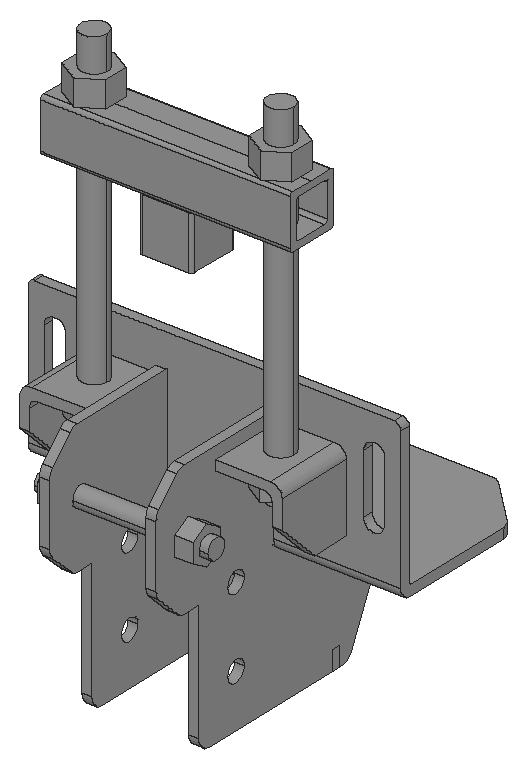
Revit family "TAL-U312", category Site, Revit 2025
Family settings
  Round Connector Dimension = Use Diameter
  Part Type = Normal
  Work Plane-Based = No
  Always vertical = Yes
  Cut with Voids When Loaded = No
  Shared = No
Reference planes (in)
  plane 1 "Center (Front/Back)": y = 0
  plane 2: z = 0
  plane 3 "Center (Left/Right)": x = 0
Forms (in)
  Extrusion 1, solid, material "Galvanized"
    sketch origin (-3.50499, 0, 0) x (1, 0, 0) y (0, 1, 0)
      loop
        line (0.8125, 0.4691) -> (0, 0.93819) -> (-0.8125, 0.4691) -> (-0.8125, -0.4691) -> (0, -0.93819) -> (0.8125, -0.4691) -> (0.8125, 0.4691)
      loop
        circle (0, 0) r 0.5
    from -0.98438 to 0
  Extrusion 2, solid, material "Galvanized"
    sketch origin (-3.50499, 0, 0) x (1, 0, 0) y (0, 1, 0)
      loop
        circle (0, 0) r 0.5
    from 1.23597 to -12.14453
  Extrusion 3, solid, material "Galvanized"
    sketch origin (-3.77278, 1.31058, 18.14063) x (1, 0, 0) y (0, 0, 1)
      loop
        line (1.33958, -28.59688) -> (-0.72136, -28.59688)
        arc (-0.72136, -28.59688) -> (-1.03182, -28.72548) -> (-1.16042, -29.03594) r 0.43906
        line (-1.16042, -29.03594) -> (-1.16042, -31.59688) -> (-0.78542, -31.59688) -> (-0.78542, -29.2874)
        arc (-0.78542, -29.2874) -> (-0.69301, -29.06429) -> (-0.4699, -28.97188) r 0.31552
        line (-0.4699, -28.97188) -> (1.33958, -28.97188) -> (1.33958, -28.59688)
    from 0 to 3
  Extrusion 4, solid, material "Galvanized"
    sketch origin (-3.50039, 0, -11.81563) x (1, 0, 0) y (0, 1, 0)
      loop
        line (0.8125, 0.4691) -> (0, 0.93819) -> (-0.8125, 0.4691) -> (-0.8125, -0.4691) -> (0, -0.93819) -> (0.8125, -0.4691) -> (0.8125, 0.4691)
      loop
        circle (0, 0) r 0.5
    from 0 to 0.98438
  Extrusion 5, solid, material "Galvanized"
    sketch origin (-7.00764, 0, 18.14063) x (0, 1, 0) y (0, 0, 1)
      loop
        line (1.31058, -27.09688) -> (1.31058, -32.65645)
        arc (1.31058, -32.65645) -> (1.43958, -32.96788) -> (1.75101, -33.09688) r 0.44043
        line (1.75101, -33.09688) -> (8.31058, -33.09688) -> (8.31058, -32.72188) -> (1.83692, -32.72188)
        arc (1.83692, -32.72188) -> (1.72991, -32.67755) -> (1.68558, -32.57054) r 0.15134
        line (1.68558, -32.57054) -> (1.68558, -27.09688) -> (1.31058, -27.09688)
    from 0 to 14
  Extrusion 6, void
    sketch origin (-7.00764, 1.68558, -8.95625) x (0, 0, 1) y (-1, 0, 0)
      loop
        line (-1.375, -12.59375) -> (-3.625, -12.59375)
        arc (-3.625, -12.59375) -> (-4.03125, -13) -> (-3.625, -13.40625) r 0.40625
        line (-3.625, -13.40625) -> (-1.375, -13.40625)
        arc (-1.375, -13.40625) -> (-0.96875, -13) -> (-1.375, -12.59375) r 0.40625
    from 0 to 0.375
  Extrusion 7, void
    sketch origin (-7.00764, 1.68558, -8.95625) x (0, 0, 1) y (-1, 0, 0)
      loop
        line (-1.375, -0.59375) -> (-3.625, -0.59375)
        arc (-3.625, -0.59375) -> (-4.03125, -1) -> (-3.625, -1.40625) r 0.40625
        line (-3.625, -1.40625) -> (-1.375, -1.40625)
        arc (-1.375, -1.40625) -> (-0.96875, -1) -> (-1.375, -0.59375) r 0.40625
    from 0 to 0.375
  Extrusion 8, void
    sketch origin (-7.00764, 8.31058, -14.58125) x (1, 0, 0) y (0, -1, 0)
      loop
        line (14, 0) -> (14, 2.18122)
        arc (14, 2.18122) -> (13.95739, 2.00425) -> (13.85426, 1.85426) r 0.5
        line (13.85426, 1.85426) -> (12.14573, 0.14573)
        arc (12.14573, 0.14573) -> (11.99585, 0.04264) -> (11.81901, 0) r 0.5
        line (11.81901, 0) -> (14, 0)
    from 0 to 0.375
  Extrusion 9, void
    sketch origin (-7.00764, 8.31058, -14.58125) x (1, 0, 0) y (0, -1, 0)
      loop
        line (0, 0) -> (2.20711, 0)
        arc (2.20711, 0) -> (2.01577, 0.03806) -> (1.85355, 0.14645) r 0.5
        line (1.85355, 0.14645) -> (0.14645, 1.85355)
        arc (0.14645, 1.85355) -> (0.03806, 2.01577) -> (0, 2.20711) r 0.5
        line (0, 2.20711) -> (0, 0)
    from 0 to 0.375
  Extrusion 10, void
    sketch origin (-4.9332, 1.31058, -10.45625) x (0, 0, 1) y (0, -1, 0)
      loop
        line (-3, 3) -> (-3, 1.5) -> (-1.5, 3) -> (-3, 3)
    from 0 to 0.375
  Extrusion 11, void
    sketch origin (-7.00764, 1.31058, -8.95625) x (0, 0, 1) y (1, 0, 0)
      loop
        line (-0.25, 0) -> (0, 0) -> (0, 0.25)
        arc (0, 0.25) -> (-0.07322, 0.07322) -> (-0.25, 0) r 0.25
      loop
        arc (-0.25, 14) -> (-0.07322, 13.92678) -> (0, 13.75) r 0.25
        line (0, 13.75) -> (0, 14) -> (-0.25, 14)
    from 0 to 0.375
  Extrusion 12, solid, material "Galvanized"
    sketch origin (-2.4332, 1.31058, -10.45625) x (0, 0, -1) y (0, 1, 0)
      loop
        line (-0.25, 0) -> (-0.25, -4.16789)
        arc (-0.25, -4.16789) -> (-0.21194, -4.35923) -> (-0.10355, -4.52145) r 0.5
        line (-0.10355, -4.52145) -> (0.72855, -5.35355)
        arc (0.72855, -5.35355) -> (0.89077, -5.46194) -> (1.08211, -5.5) r 0.5
        line (1.08211, -5.5) -> (3.41789, -5.5)
        arc (3.41789, -5.5) -> (3.60923, -5.46194) -> (3.77145, -5.35355) r 0.5
        line (3.77145, -5.35355) -> (4.60355, -4.52145)
        arc (4.60355, -4.52145) -> (4.71194, -4.35923) -> (4.75, -4.16789) r 0.5
        line (4.75, -4.16789) -> (4.75, -3.5) -> (9.25, -3.5)
        arc (9.25, -3.5) -> (9.60355, -3.35355) -> (9.75, -3) r 0.5
        line (9.75, -3) -> (9.75, 2.75) -> (9, 2.75) -> (9, 3.125) -> (9.75, 3.125) -> (9.75, 3.1843)
        arc (9.75, 3.1843) -> (9.67278, 3.45124) -> (9.46497, 3.63573) r 0.5
        line (9.46497, 3.63573) -> (4.5, 6) -> (4.5, 0.44043)
        arc (4.5, 0.44043) -> (4.371, 0.129) -> (4.05957, 0) r 0.44043
        line (4.05957, 0) -> (-0.25, 0)
      loop
        circle (2.25, -4.03125) r 0.40625
      loop
        circle (4.75, -1.75) r 0.40625
      loop
        circle (7.75, -1.75) r 0.40625
    from 0.2457 to 0.6207
  Extrusion 13, solid, material "Galvanized"
    sketch origin (-1.8125, 1.31058, -10.45625) x (0, 0, -1) y (0, 1, 0)
      loop
        circle (2.25, -4.03125) r 0.375
    from -1.44219 to 5.08336
  Extrusion 14, solid, material "Galvanized"
    sketch origin (-2.1875, 1.31058, -10.45625) x (0, 0, 1) y (0, 1, 0)
      loop
        line (-1.88916, -4.65625) -> (-1.52831, -4.03125) -> (-1.88916, -3.40625) -> (-2.61084, -3.40625) -> (-2.97169, -4.03125) -> (-2.61084, -4.65625) -> (-1.88916, -4.65625)
      loop
        circle (-2.25, -4.03125) r 0.375
    from 0 to 0.73438
  Extrusion 15, solid, material "Galvanized"
    sketch origin (2.1875, 1.31058, -10.45625) x (0, 0, 1) y (0, -1, 0)
      loop
        line (-1.88916, 4.65625) -> (-2.61084, 4.65625) -> (-2.97169, 4.03125) -> (-2.61084, 3.40625) -> (-1.88916, 3.40625) -> (-1.52831, 4.03125) -> (-1.88916, 4.65625)
      loop
        circle (-2.25, 4.03125) r 0.375
    from 0 to 0.73438
  Extrusion 16, solid, material "Galvanized"
    sketch origin (3.50499, 0, 0) x (-1, 0, 0) y (0, -1, 0)
      loop
        line (0.8125, -0.4691) -> (0.8125, 0.4691) -> (0, 0.93819) -> (-0.8125, 0.4691) -> (-0.8125, -0.4691) -> (0, -0.93819) -> (0.8125, -0.4691)
      loop
        circle (0, 0) r 0.5
    from -0.98438 to 0
  Extrusion 17, solid, material "Galvanized"
    sketch origin (3.50499, 0, 0) x (-1, 0, 0) y (0, -1, 0)
      loop
        circle (0, 0) r 0.5
    from 1.23597 to -12.14275
  Extrusion 18, solid, material "Galvanized"
    sketch origin (3.77278, 1.31058, 18.14063) x (-1, 0, 0) y (0, 0, -1)
      loop
        line (1.33958, 28.59688) -> (1.33958, 28.97188) -> (-0.4699, 28.97188)
        arc (-0.4699, 28.97188) -> (-0.69301, 29.06429) -> (-0.78542, 29.2874) r 0.31552
        line (-0.78542, 29.2874) -> (-0.78542, 31.59688) -> (-1.16042, 31.59688) -> (-1.16042, 29.03594)
        arc (-1.16042, 29.03594) -> (-1.03182, 28.72548) -> (-0.72136, 28.59688) r 0.43906
        line (-0.72136, 28.59688) -> (1.33958, 28.59688)
    from 0 to 3
  Extrusion 19, solid, material "Galvanized"
    sketch origin (3.50039, 0, -11.81563) x (-1, 0, 0) y (0, -1, 0)
      loop
        line (0.8125, -0.4691) -> (0.8125, 0.4691) -> (0, 0.93819) -> (-0.8125, 0.4691) -> (-0.8125, -0.4691) -> (0, -0.93819) -> (0.8125, -0.4691)
      loop
        circle (0, 0) r 0.5
    from 0 to 0.98438
  Extrusion 20, solid, material "Galvanized"
    sketch origin (2.4332, 1.31058, -10.45625) x (0, 0, -1) y (0, -1, 0)
      loop
        line (-0.25, 0) -> (4.05957, 0)
        arc (4.05957, 0) -> (4.371, -0.129) -> (4.5, -0.44043) r 0.44043
        line (4.5, -0.44043) -> (4.5, -6) -> (9.46497, -3.63573)
        arc (9.46497, -3.63573) -> (9.67278, -3.45124) -> (9.75, -3.1843) r 0.5
        line (9.75, -3.1843) -> (9.75, -3.125) -> (9, -3.125) -> (9, -2.75) -> (9.75, -2.75) -> (9.75, 3)
        arc (9.75, 3) -> (9.60355, 3.35355) -> (9.25, 3.5) r 0.5
        line (9.25, 3.5) -> (4.75, 3.5) -> (4.75, 4.16789)
        arc (4.75, 4.16789) -> (4.71194, 4.35923) -> (4.60355, 4.52145) r 0.5
        line (4.60355, 4.52145) -> (3.77145, 5.35355)
        arc (3.77145, 5.35355) -> (3.60923, 5.46194) -> (3.41789, 5.5) r 0.5
        line (3.41789, 5.5) -> (1.08211, 5.5)
        arc (1.08211, 5.5) -> (0.89077, 5.46194) -> (0.72855, 5.35355) r 0.5
        line (0.72855, 5.35355) -> (-0.10355, 4.52145)
        arc (-0.10355, 4.52145) -> (-0.21194, 4.35923) -> (-0.25, 4.16789) r 0.5
        line (-0.25, 4.16789) -> (-0.25, 0)
      loop
        circle (2.25, 4.03125) r 0.40625
      loop
        circle (4.75, 1.75) r 0.40625
      loop
        circle (7.75, 1.75) r 0.40625
    from 0.2457 to 0.6207
  Extrusion 21, void
    sketch origin (4.9332, 1.31058, -10.45625) x (0, 0, 1) y (0, 1, 0)
      loop
        line (-3, -3) -> (-1.5, -3) -> (-3, -1.5) -> (-3, -3)
    from 0 to 0.375
  Extrusion 22, solid, material "Galvanized"
    sketch origin (2.4332, 4.43558, -33.80313) x (0, 0, -1) y (1, 0, 0)
      loop
        line (-13.59688, -2.4332) -> (-13.59688, -0.2457) -> (-14.34688, -0.2457) -> (-14.34688, -0.6207) -> (-15.59688, -0.6207) -> (-15.59688, -4.2457) -> (-14.34688, -4.2457) -> (-14.34688, -4.6207) -> (-13.59688, -4.6207) -> (-13.59688, -2.4332)
    from 0 to 0.375
  Extrusion 23, solid, material "Galvanized"
    sketch origin (0, 0, 17.20625) x (0, 1, 0) y (0, 0, 1)
      loop
        line (0, -18.20625) -> (-0.875, -18.20625)
        arc (-0.875, -18.20625) -> (-0.96339, -18.24287) -> (-1, -18.33125) r 0.125
        line (-1, -18.33125) -> (-1, -20.08125)
        arc (-1, -20.08125) -> (-0.96339, -20.16964) -> (-0.875, -20.20625) r 0.125
        line (-0.875, -20.20625) -> (0.875, -20.20625)
        arc (0.875, -20.20625) -> (0.96339, -20.16964) -> (1, -20.08125) r 0.125
        line (1, -20.08125) -> (1, -18.33125)
        arc (1, -18.33125) -> (0.96339, -18.24287) -> (0.875, -18.20625) r 0.125
        line (0.875, -18.20625) -> (0, -18.20625)
      loop
        line (0, -18.45625) -> (-0.625, -18.45625)
        arc (-0.625, -18.45625) -> (-0.71339, -18.49287) -> (-0.75, -18.58125) r 0.125
        line (-0.75, -18.58125) -> (-0.75, -19.83125)
        arc (-0.75, -19.83125) -> (-0.71339, -19.91964) -> (-0.625, -19.95625) r 0.125
        line (-0.625, -19.95625) -> (0.625, -19.95625)
        arc (0.625, -19.95625) -> (0.71339, -19.91964) -> (0.75, -19.83125) r 0.125
        line (0.75, -19.83125) -> (0.75, -18.58125)
        arc (0.75, -18.58125) -> (0.71339, -18.49287) -> (0.625, -18.45625) r 0.125
        line (0.625, -18.45625) -> (0, -18.45625)
    from -4.6875 to 4.6875
  Extrusion 24, solid, material "Galvanized"
    sketch origin (0, 0, 0) x (1, 0, 0) y (0, 1, 0)
      loop
        line (-1, 0) -> (-1, -0.875)
        arc (-1, -0.875) -> (-0.96339, -0.96339) -> (-0.875, -1) r 0.125
        line (-0.875, -1) -> (0.875, -1)
        arc (0.875, -1) -> (0.96339, -0.96339) -> (1, -0.875) r 0.125
        line (1, -0.875) -> (1, 0.875)
        arc (1, 0.875) -> (0.96339, 0.96339) -> (0.875, 1) r 0.125
        line (0.875, 1) -> (-0.875, 1)
        arc (-0.875, 1) -> (-0.96339, 0.96339) -> (-1, 0.875) r 0.125
        line (-1, 0.875) -> (-1, 0)
      loop
        line (-0.75, 0) -> (-0.75, -0.625)
        arc (-0.75, -0.625) -> (-0.71339, -0.71339) -> (-0.625, -0.75) r 0.125
        line (-0.625, -0.75) -> (0.625, -0.75)
        arc (0.625, -0.75) -> (0.71339, -0.71339) -> (0.75, -0.625) r 0.125
        line (0.75, -0.625) -> (0.75, 0.625)
        arc (0.75, 0.625) -> (0.71339, 0.71339) -> (0.625, 0.75) r 0.125
        line (0.625, 0.75) -> (-0.625, 0.75)
        arc (-0.625, 0.75) -> (-0.71339, 0.71339) -> (-0.75, 0.625) r 0.125
        line (-0.75, 0.625) -> (-0.75, 0)
    from -5 to -3
Cuts and joins
  Extrusion 10, Extrusion 21 cuts Extrusion 3
  Extrusion 6, Extrusion 7, Extrusion 8, Extrusion 9, Extrusion 11 cuts Extrusion 5
  Extrusion 21 cuts Extrusion 18
